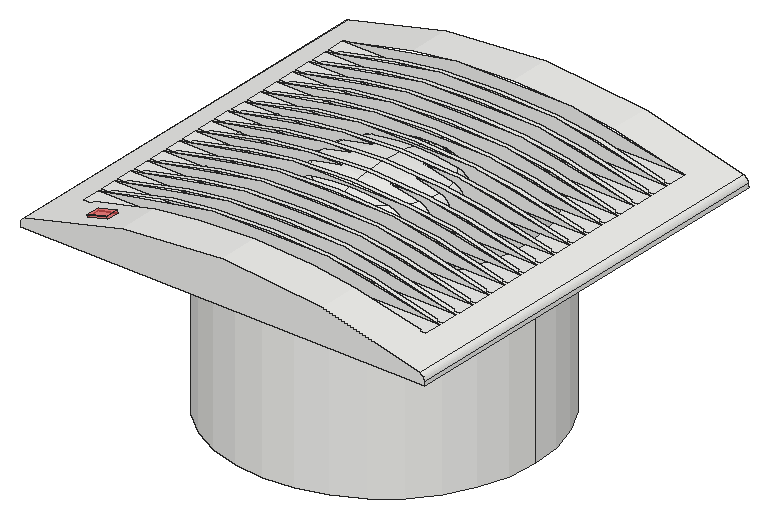
Revit family "NA150", category Mechanical Equipment, Revit 2015
Parameters (values of type "NA150HT")
  Weight = 1.04 kg
  Voltage = if(Electrical Phase = 3, 400 V, 230 V)  # 230 V
  Unit Description = "Wall Mounted Fan Unit with Humidistat and Run on Timer"
  Revit Family Last Revised = "31/10/18"  # constant formula
  Quote/Order Location Reference [instance] = ""
  PIR = no
  OmniClass Title = "Axial Fans"  # constant formula
  OmniClass Number = "23-33 31 19 11"  # constant formula
  Number of Connection Poles = 2
  Nuaire Quote/Order Reference [instance] = ""
  Nuaire Model Code = "NA150HT"
  Nominal Motor Rating = 26 W
  Width = 200 mm
  Manufacturer Name = "Nuaire"  # constant formula
  IFCExportAs = "IfcFanType"  # constant formula
  I&M Manual = "http://www.nuaire.info/iandm/671420.pdf"
  Height = 200 mm
  Full Load Current = 0.2 A
  External Static Pressure [instance] = 0.0 Pa
  Electrical Phase = 1
  Model Drawn by = "Michael Grote"  # constant formula
  Maximum Ambient Temperature = 40 °C
  Depth = 22 mm
  Classification.Uniclass.Pr.Number = "Pr_65_67_29_05"  # constant formula
  Classification.Uniclass.Pr.Description = "Axial flow fans"  # constant formula
  Catalogue Pages = "http://www.nuaire.info/catalogue/Slimaire.pdf"
  Apparent Load = Voltage * Full Load Current  # 46 VA
  URL = "http://www.nuaire.co.uk"
  Warranty Period = "3 Years"
  Weatherproof or Internal Only = "Internal"
  Manufacturer = Manufacturer Name  # "Nuaire"
  Description = Unit Description  # "Wall Mounted Fan Unit with Humidistat and Run on Timer"
  Air Flow [instance] = 0.0 L/s
  Address = "Western Industrial Estate, Caerphilly, UK"  # constant formula
  Postcode = "CF83 1NA"  # constant formula
  Telephone Number = "+44(0)2920-858-200"  # constant formula
  Fax Number = "+44(0)2920-858-222"  # constant formula
  Email Address = "info@nuaire.co.uk"  # constant formula
  VAT Registration Number = "877308"  # constant formula
  Model = Nuaire Model Code  # "NA150HT"
  Spigot Radius = Spigot Diameter / 2  # 75 mm
  Spigot Diameter = 150 mm
Types (4, lengths in mm): name | Unit Description | Nuaire Model Code | Description | Model
  (no name) | "Wall Mounted Fan Unit with Humidistat and Run on Timer" | "NA150HT" | "Wall Mounted Fan Unit with Humidistat and Run on Timer" | "NA150HT"
  NA150HT | "Wall Mounted Fan Unit with Humidistat and Run on Timer" | "NA150HT" | "Wall Mounted Fan Unit with Humidistat and Run on Timer" | "NA150HT"
  NA150PC | "Wall Mounted Fan Unit with Pull Cord" | "NA150PC" | "Wall Mounted Fan Unit with Pull Cord" | "NA150PC"
  NA150PIR | "Wall Mounted Fan Unit with Integral PIR" | "NA150PIR" | "Wall Mounted Fan Unit with Integral PIR" | "NA150PIR"
Reference planes
  plane 1 "Center (Front/Back)": y = 0
  plane 2: z = 0
  plane 3 "Center (Left/Right)": x = 0
  plane 4: x = 100
  plane 5: x = -100
  plane 6: y = 100
  plane 7: y = -100
  plane 8: z = 22
Forms (mm)
  Extrusion 1, solid, material "White Plastic"
    sketch origin (0, 0, 0) x (1, 0, 0) y (0, 0, 1)
      loop
        arc (97.725, 4.786) -> (0, 21) -> (-97.725, 4.786) r 302.618
        arc (-97.725, 4.786) -> (-99.373, 3.561) -> (-100, 1.606) r 3.36
        line (-100, 1.606) -> (-100, 0) -> (100, 0) -> (100, 1.606)
        arc (100, 1.606) -> (99.373, 3.561) -> (97.725, 4.786) r 3.36
    from -100 to 100
  Extrusion 2, void
    sketch origin (0, 0, 0) x (0, 1, 0) y (0, 0, 1)
      loop
        line (80, 9) -> (80, 22.774) -> (71, 22.774) -> (71, 9) -> (80, 9)
      loop
        line (69, 9) -> (69, 22.774) -> (61, 22.774) -> (61, 9) -> (69, 9)
      loop
        line (59, 9) -> (59, 22.774) -> (51, 22.774) -> (51, 9) -> (59, 9)
      loop
        line (49, 9) -> (49, 22.774) -> (41, 22.774) -> (41, 9) -> (49, 9)
      loop
        line (39, 9) -> (39, 22.774) -> (31, 22.774) -> (31, 9) -> (39, 9)
      loop
        line (29, 9) -> (29, 22.774) -> (21, 22.774) -> (21, 9) -> (29, 9)
      loop
        line (19, 9) -> (19, 22.774) -> (11, 22.774) -> (11, 9) -> (19, 9)
      loop
        line (9, 9) -> (9, 22.774) -> (1, 22.774) -> (1, 9) -> (9, 9)
      loop
        line (-1, 9) -> (-1, 22.774) -> (-9, 22.774) -> (-9, 9) -> (-1, 9)
      loop
        line (-11, 9) -> (-11, 22.774) -> (-19, 22.774) -> (-19, 9) -> (-11, 9)
      loop
        line (-21, 9) -> (-21, 22.774) -> (-29, 22.774) -> (-29, 9) -> (-21, 9)
      loop
        line (-31, 9) -> (-31, 22.774) -> (-39, 22.774) -> (-39, 9) -> (-31, 9)
      loop
        line (-41, 9) -> (-41, 22.774) -> (-49, 22.774) -> (-49, 9) -> (-41, 9)
      loop
        line (-51, 9) -> (-51, 22.774) -> (-59, 22.774) -> (-59, 9) -> (-51, 9)
      loop
        line (-61, 9) -> (-61, 22.774) -> (-69, 22.774) -> (-69, 9) -> (-61, 9)
      loop
        line (-71, 9) -> (-71, 22.774) -> (-80, 22.774) -> (-80, 9) -> (-71, 9)
    from -85.593 to 86.228
  Extrusion 3, void
    sketch origin (0, 0, 0) x (1, 0, 0) y (0, 1, 0)
      loop
        circle (0, 0) r 71
    from -87 to 9
  Extrusion 4, solid, material "White Plastic"
    sketch origin (0, 0, 0) x (1, 0, 0) y (0, 1, 0)
      loop
        circle (0, 0) r 75
    from 0 to -87
  Revolve 5, solid, material "White Plastic"
    sketch origin (0, 0, 0) x (0, 1, 0) y (0, 0, 1)
      loop
        arc (33.5, 9.988) -> (32.135, 14.141) -> (28.572, 16.674) r 7
        arc (28.572, 16.674) -> (14.449, 19.912) -> (0, 21) r 96.521
        line (0, 21) -> (0, 9) -> (33.5, 9) -> (33.5, 9.988)
      axis (0, 21) -> (0, 9)
    angle from 0 to 360
  Extrusion 6, solid, material "White Plastic"
    sketch origin (0, 0, 0) x (1, 0, 0) y (0, 1, 0)
      loop
        circle (0, 0) r 27.043
    from 9 to -65.622
  Revolve 7, solid, visible <- "PIR"
    sketch origin (0, 0, 0) x (0, 1, 0) y (0, 0, 1)
      loop
        line (0, 24.99) -> (0, 20.174) -> (6.5, 20.174) -> (6.5, 21)
        arc (6.5, 21) -> (3.814, 23.913) -> (0, 24.99) r 7.289
      axis (0, 24.99) -> (0, 20.174)
    angle from 0 to 360
  Extrusion 8, solid, material "Red Plastic"
    sketch origin (1.124, 0, 16.14) x (0.97437, 0, 0.224951) y (0, 1, 0)
      loop
        line (-71.686, -87) -> (-71.686, -94) -> (-61.686, -94) -> (-61.686, -87) -> (-71.686, -87)
    from 11.947 to 13.242
  Extrusion 9, solid, material "White Plastic"
    sketch origin (0, 0, 0) x (1, 0, 0) y (0, 0, 1)
      loop
        circle (0, 9) r 5
    from -80 to 80
Cuts and joins
  Extrusion 2, Extrusion 3 cuts Extrusion 1
  Extrusion 3 cuts Extrusion 4
Dimensions and locks
  equal spacing: plane 5, plane 3 "Center (Left/Right)", plane 4
  "Width": plane 5 to plane 4
  equal spacing: plane 6, plane 1 "Center (Front/Back)", plane 7
  "Height": plane 6 to plane 7
  "Depth": plane 8 to plane 2
  aligned and locked: level to plane 2
Automatic sketch dimensions
  Extrusion 1 sketch curve to level = 0 mm
  plane 5 to Extrusion 1 sketch curve = 0 mm
  level to Extrusion 1 sketch curve = 1.606 mm  (x2)
  Extrusion 1 sketch curve to plane 3 "Center (Left/Right)" = 0 mm
  Extrusion 1 sketch curve to plane 5 = 2.275 mm
  Extrusion 1 sketch curve to Extrusion 1 sketch curve = 0 mm
  Extrusion 1 sketch curve to Extrusion 1 sketch curve = 1.085 mm  (x2)
  Extrusion 1 sketch curve to plane 4 = 0 mm
  level to Extrusion 2 sketch curve = 9 mm  (x2)
  Extrusion 2 sketch curve to plane 7 = 20 mm
  plane 8 to Extrusion 2 sketch curve = 0.774 mm  (x16)
  Extrusion 2 sketch curve to Extrusion 2 sketch curve = 9 mm  (x2)
  Extrusion 2 sketch curve to Extrusion 2 sketch curve = 2 mm  (x14)
  Extrusion 2 sketch curve to Extrusion 2 sketch curve = 8 mm  (x13)
  plane 1 "Center (Front/Back)" to Extrusion 2 sketch curve = 1 mm
  Extrusion 2 sketch curve to plane 1 "Center (Front/Back)" = 1 mm
  Extrusion 2 sketch curve to Extrusion 2 sketch curve = 0 mm  (x14)
  plane 1 "Center (Front/Back)" to Extrusion 3 sketch curve = 0 mm
  Extrusion 3 sketch curve to plane 3 "Center (Left/Right)" = 0 mm
  plane 1 "Center (Front/Back)" to Extrusion 4 sketch curve = 0 mm
  Extrusion 4 sketch curve to plane 3 "Center (Left/Right)" = 0 mm
  Revolve 5 sketch curve to plane 1 "Center (Front/Back)" = 0 mm
  Revolve 5 sketch curve to plane 1 "Center (Front/Back)" = 33.5 mm
  Revolve 5 sketch curve to Revolve 5 sketch curve = 7 mm
  Revolve 5 sketch curve to Revolve 5 sketch curve = 0.988 mm
  level to Revolve 5 sketch curve = 9 mm
  Revolve 5 sketch curve to Revolve 5 sketch curve = 2.072 mm
  Revolve 5 sketch curve to Revolve 5 sketch curve = 0 mm
  plane 1 "Center (Front/Back)" to Extrusion 6 sketch curve = 0 mm
  Extrusion 6 sketch curve to plane 3 "Center (Left/Right)" = 0 mm
  Revolve 7 sketch curve to plane 8 = 1 mm
  Revolve 7 sketch curve to plane 8 = 1.826 mm
  Revolve 7 sketch curve to plane 1 "Center (Front/Back)" = 0 mm
  Revolve 7 sketch curve to Revolve 7 sketch curve = 2.473 mm
  plane 8 to Revolve 7 sketch curve = 2.99 mm
  Extrusion 8 sketch curve to plane 7 = 6 mm
  Extrusion 8 sketch curve to plane 7 = 13 mm
  Extrusion 8 sketch curve to Extrusion 8 sketch curve = 10 mm
  Extrusion 9 sketch curve to plane 3 "Center (Left/Right)" = 0 mm
  level to Extrusion 9 sketch curve = 9 mm
  radius of Extrusion 3 sketch curve = 71 mm
  radius of Extrusion 4 sketch curve = 75 mm
  radius of Extrusion 6 sketch curve = 27.043 mm
  radius of Extrusion 9 sketch curve = 5 mm
Nested families
  nested 1: "label_nuaire_logo" at (59.281, -89.339, 15.137) x (0.9806, 0, -0.1959) z (0.1959, 0, 0.9806), type "label_nuaire_logo"
    with Scale Factor 65.557 mm, Actual Scale 22.945 mm
Connectors
  hvac at (0, 0, -87), driven by "Air Flow", driven by "Spigot Radius"
    settings: on cut or joined group of Extrusion 3, Extrusion 4, index 1, duct flow 0.0 L/s, flow factor 0, pres drop 0.0 Pa, loss coef 0, conn angle 0.00°, conn width 304.8 mm, conn height 304.8 mm, conn diameter 150 mm, duct sys type 3, conn prof type 0, flow config 0, flow direction 2, loss method 0, conn ref index -1, conn util no, is conn primary yes, conn desc ""
  electrical at (0, -100, 2.131), driven by "Voltage", driven by "Apparent Load"
    settings: on cut or joined group of Extrusion 1, Extrusion 2, Extrusion 3, index 2, voltage 230 V, apparent load 46 VA, apparent load phase1 0 VA, apparent load phase2 0 VA, apparent load phase3 0 VA, power factor 1, load classification "Other", number of poles 1, system type 30, power factor state 1, is connector primary yes, connector utility no, sub classification motor no, connector description ""
Definition of nested family "label_nuaire_logo"
  Parameters
    Scale Factor [instance] = Scale * 452  # 452 mm
    Scale = 1 mm
    Actual Scale [instance] = Scale Factor * 0.35  # 158.2 mm
  Reference planes
    plane 1 "Center (Front/Back)": y = 0
    plane 2: z = 0
    plane 3 "Center (Left/Right)": x = 0
  Lines and regions (mm)
    reference lines
      curve 1: line (79.1, -32.13, 0) -> (79.1, 30, 0)
      curve 2: line (-79.1, -32.13, 0) -> (-79.1, 30, 0)
  Dimensions and locks
    equal spacing: curve 2, plane 3 "Center (Left/Right)", curve 1
    "Actual Scale": curve 2 to curve 1
    aligned and locked: level to plane 2
  Automatic sketch dimensions
    plane 1 "Center (Front/Back)" to curve 2 = 32.13 mm
    plane 1 "Center (Front/Back)" to curve 1 = 32.13 mm
    curve 2 to plane 1 "Center (Front/Back)" = 30 mm
    curve 1 to plane 1 "Center (Front/Back)" = 30 mm
  Nested families
    nested 1: "logo_stage2" at (10, 0, 0), type "logo_stage2"
  Definition of nested family "logo_stage2"
    Parameters
      Height = 452 mm
    Reference planes
      plane 1 "Center (Front/Back)": y = 0
      plane 2: z = 0
      plane 3 "Center (Left/Right)": x = 0
    Dimensions and locks
      aligned and locked: level to plane 2
    Nested families
      nested 1: "logo_stage1" at (0, 0, 0), type "logo_stage1"
    Definition of nested family "logo_stage1"
      Parameters
        Height = 1300 mm
      Reference planes
        plane 1 "Center (Front/Back)": y = 0
        plane 2: z = 0
        plane 3 "Center (Left/Right)": x = 0
      Lines and regions (mm)
        model lines
          curve 1: arc (7.927, 29.489, 0) -> (-47.363, 58.16, 0) -> (-106.604, 77.382, 0) r 378.77
          curve 2: arc (-106.604, 77.382, 0) -> (-163.216, 86.224, 0) -> (-220.277, 81.007, 0) r 233.393
          curve 3: arc (-246.965, 20.991, 0) -> (-215.043, -15.792, 0) -> (-174.42, -42.657, 0) r 179.785
          curve 4: arc (-174.42, -42.657, 0) -> (-107.072, -70.342, 0) -> (-36.955, -89.99, 0) r 623.693
          curve 5: arc (-36.955, -89.99, 0) -> (-105.996, -69.023, 0) -> (-170.812, -37.319, 0) r 451.207
          curve 6: arc (-170.812, -37.319, 0) -> (-200.304, -16.562, 0) -> (-226.197, 8.542, 0) r 230.474
          curve 7: arc (-206.815, 72.232, 0) -> (-163.659, 78.527, 0) -> (-120.226, 74.571, 0) r 185.468
          curve 8: arc (-120.226, 74.571, 0) -> (-54.126, 57.782, 0) -> (7.927, 29.489, 0) r 381.393
          curve 9: line (-161.219, -24.259, 0) -> (-141.514, -24.259, 0)
          curve 10: line (-141.514, -24.259, 0) -> (-136.798, 0, 0)
          curve 11: arc (-136.798, 0, 0) -> (-133.437, 8.115, 0) -> (-125.322, 11.477, 0) r 11.477
          curve 12: arc (-125.322, 11.477, 0) -> (-118.479, 7.762, 0) -> (-117.869, 0, 0) r 8.158
          curve 13: line (-117.869, 0, 0) -> (-122.146, -24.259, 0)
          curve 14: line (-122.146, -24.259, 0) -> (-102.441, -24.259, 0)
          curve 15: line (-102.441, -24.259, 0) -> (-97.309, 4.849, 0)
          curve 16: arc (-97.309, 4.849, 0) -> (-99.379, 18.095, 0) -> (-110.885, 24.977, 0) r 15.794
          curve 17: arc (-110.885, 24.977, 0) -> (-122.995, 23.787, 0) -> (-133.701, 18.002, 0) r 30.821
          curve 18: line (-133.701, 18.002, 0) -> (-132.598, 24.255, 0)
          curve 19: line (-161.219, -24.259, 0) -> (-152.664, 24.255, 0)
          curve 20: line (-152.664, 24.255, 0) -> (-132.598, 24.255, 0)
          curve 21: line (-80.79, 24.255, 0) -> (-86.175, -3.448, 0)
          curve 22: arc (-86.175, -3.448, 0) -> (-83.467, -16.761, 0) -> (-72.138, -24.259, 0) r 17.751
          curve 23: arc (-72.138, -24.259, 0) -> (-59.938, -25.434, 0) -> (-47.739, -24.259, 0) r 63.934
          curve 24: arc (-47.739, -24.259, 0) -> (-34.611, -17.57, 0) -> (-27.023, -4.941, 0) r 26.727
          curve 25: line (-27.023, -4.941, 0) -> (-21.348, 24.255, 0)
          curve 26: line (-21.348, 24.255, 0) -> (-41.053, 24.255, 0)
          curve 27: line (-41.053, 24.255, 0) -> (-46.093, -1.676, 0)
          curve 28: arc (-46.093, -1.676, 0) -> (-50.186, -8.91, 0) -> (-57.808, -12.224, 0) r 13.097
          curve 29: arc (-57.808, -12.224, 0) -> (-64.693, -9.158, 0) -> (-65.742, -1.695, 0) r 7.773
          curve 30: line (-65.742, -1.695, 0) -> (-61.166, 24.255, 0)
          curve 31: line (-61.166, 24.255, 0) -> (-80.79, 24.255, 0)
          curve 32: arc (31.54, 19.236, 0) -> (16.208, 25.528, 0) -> (0, 22.075, 0) r 28.07
          curve 33: arc (0, 22.075, 0) -> (-10.88, 12.774, 0) -> (-17.338, 0, 0) r 36.434
          curve 34: arc (-17.338, 0, 0) -> (-15.613, -14.796, 0) -> (-4.047, -24.183, 0) r 19.761
          curve 35: arc (-4.047, -24.183, 0) -> (10.741, -24.948, 0) -> (24.166, -18.699, 0) r 30.688
          curve 36: line (24.166, -18.699, 0) -> (23.117, -24.098, 0)
          curve 37: line (23.117, -24.098, 0) -> (43.271, -24.098, 0)
          curve 38: line (43.271, -24.098, 0) -> (51.797, 24.255, 0)
          curve 39: line (51.797, 24.255, 0) -> (32.515, 24.255, 0)
          curve 40: line (32.515, 24.255, 0) -> (31.54, 19.236, 0)
          curve 41: arc (27.176, -3.213, 0) -> (27.314, 5.536, 0) -> (19.984, 10.314, 0) r 9.053
          curve 42: arc (19.984, 10.314, 0) -> (10.965, 8.578, 0) -> (4.044, 2.54, 0) r 17.627
          curve 43: arc (4.044, 2.54, 0) -> (3.437, -5.353, 0) -> (9.873, -9.961, 0) r 8.063
          curve 44: arc (9.873, -9.961, 0) -> (19.716, -9.642, 0) -> (27.176, -3.213, 0) r 14.789
          curve 45: line (64.987, 24.255, 0) -> (85.001, 24.255, 0)
          curve 46: line (85.001, 24.255, 0) -> (76.475, -24.098, 0)
          curve 47: line (76.475, -24.098, 0) -> (56.461, -24.098, 0)
          curve 48: line (56.461, -24.098, 0) -> (64.987, 24.255, 0)
          curve 49: line (97.733, 24.255, 0) -> (117.438, 24.255, 0)
          curve 50: line (117.438, 24.255, 0) -> (116.079, 16.546, 0)
          curve 51: arc (116.079, 16.546, 0) -> (127.306, 23.283, 0) -> (140.3, 24.886, 0) r 31.571
          curve 52: line (140.3, 24.886, 0) -> (137.316, 7.965, 0)
          curve 53: arc (137.316, 7.965, 0) -> (129.144, 9.507, 0) -> (120.972, 7.965, 0) r 22.429
          curve 54: arc (120.972, 7.965, 0) -> (114.704, 2.976, 0) -> (112.337, -4.677, 0) r 13.585
          curve 55: line (112.337, -4.677, 0) -> (108.912, -24.098, 0)
          curve 56: line (108.912, -24.098, 0) -> (89.207, -24.098, 0)
          curve 57: line (89.207, -24.098, 0) -> (97.733, 24.255, 0)
          curve 58: arc (93.618, 47.57, 0) -> (74.854, 53.038, 0) -> (55.359, 51.64, 0) r 55.33
          curve 59: arc (93.618, 47.57, 0) -> (97.282, 41.659, 0) -> (93.618, 35.747, 0) r 6.601
          curve 60: arc (93.618, 35.747, 0) -> (84.065, 32.23, 0) -> (73.978, 30.85, 0) r 47.065
          curve 61: arc (73.978, 30.85, 0) -> (80.846, 32.41, 0) -> (86.601, 36.47, 0) r 18.116
          curve 62: arc (86.601, 36.47, 0) -> (88.036, 41.905, 0) -> (84.218, 46.03, 0) r 5.836
          curve 63: arc (84.218, 46.03, 0) -> (70.224, 51.08, 0) -> (55.359, 51.64, 0) r 48.391
          curve 64: line (157.905, -2.864, 0) -> (199.286, -2.864, 0)
          curve 65: arc (199.286, -2.864, 0) -> (197.145, 14.652, 0) -> (182.34, 24.255, 0) r 20.852
          curve 66: arc (182.34, 24.255, 0) -> (165.366, 23.801, 0) -> (149.457, 17.863, 0) r 51.614
          curve 67: arc (149.457, 17.863, 0) -> (140.348, 5.451, 0) -> (139.348, -9.912, 0) r 27.469
          curve 68: arc (139.348, -9.912, 0) -> (144.958, -19.523, 0) -> (155.103, -24.098, 0) r 18.276
          curve 69: arc (155.103, -24.098, 0) -> (178.591, -23.478, 0) -> (196.981, -8.856, 0) r 37.046
          curve 70: line (196.981, -8.856, 0) -> (178.291, -8.856, 0)
          curve 71: arc (178.291, -8.856, 0) -> (168.439, -13.819, 0) -> (158.586, -8.856, 0) r 12.261
          curve 72: arc (158.586, -8.856, 0) -> (157.442, -5.951, 0) -> (157.905, -2.864, 0) r 6.023
          curve 73: line (199.286, -2.864, 0) -> (157.905, -2.864, 0)
          curve 74: line (159.772, 7.114, 0) -> (183.418, 7.114, 0)
          curve 75: arc (183.418, 7.114, 0) -> (171.595, 14.487, 0) -> (159.772, 7.114, 0) r 13.165
          curve 76: arc (-206.815, 72.232, 0) -> (-234.166, 45.761, 0) -> (-226.197, 8.542, 0) r 39.242
          curve 77: arc (-220.277, 81.007, 0) -> (-248.829, 57.762, 0) -> (-246.965, 20.991, 0) r 40.723
      Dimensions and locks
        aligned and locked: level to plane 2
